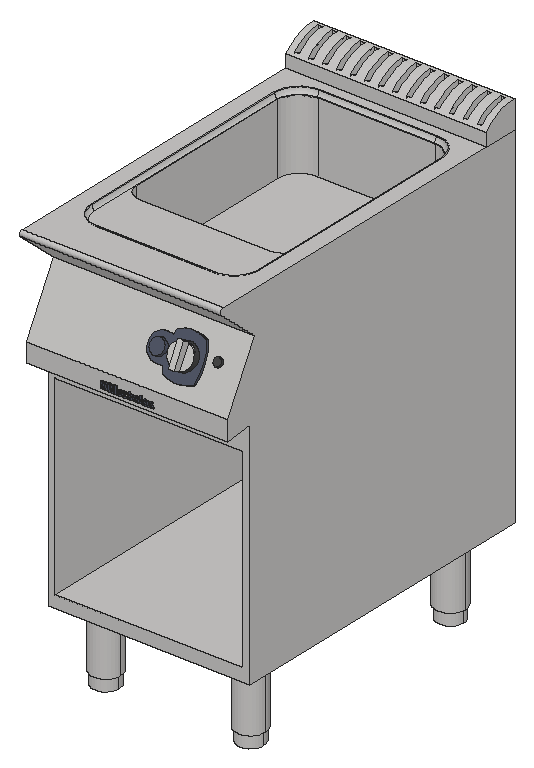
Revit family "QF_ELECTROLUXPROFESSIONAL_371105_E7MFGDDD00", category Specialty Equipment, Revit 2018 (continued)
Automatic sketch dimensions
  Extrusion 34 sketch curve to Extrusion 34 sketch curve = 1.322 mm
  Extrusion 34 sketch curve to Extrusion 34 sketch curve = 2.77 mm
  Extrusion 34 sketch curve to Extrusion 34 sketch curve = 2.51 mm
  Extrusion 34 sketch curve to Extrusion 34 sketch curve = 0.187 mm
  Extrusion 34 sketch curve to Extrusion 34 sketch curve = 2.559 mm
  Extrusion 34 sketch curve to Extrusion 34 sketch curve = 1.556 mm
  Extrusion 34 sketch curve to Extrusion 34 sketch curve = 0.222 mm
  Extrusion 34 sketch curve to Extrusion 34 sketch curve = 1.383 mm
  Extrusion 34 sketch curve to Extrusion 34 sketch curve = 3.114 mm
  Extrusion 34 sketch curve to Extrusion 34 sketch curve = 3.376 mm
  Extrusion 34 sketch curve to Extrusion 34 sketch curve = 0.934 mm
  Extrusion 34 sketch curve to Extrusion 34 sketch curve = 0.191 mm
  Extrusion 34 sketch curve to Extrusion 34 sketch curve = 3.696 mm
  Extrusion 34 sketch curve to Extrusion 34 sketch curve = 2.708 mm
  Extrusion 34 sketch curve to Extrusion 34 sketch curve = 3.333 mm
  Extrusion 34 sketch curve to Extrusion 34 sketch curve = 0.332 mm
  Extrusion 34 sketch curve to Extrusion 34 sketch curve = 1.087 mm
  Extrusion 34 sketch curve to Extrusion 34 sketch curve = 2.23 mm
  Extrusion 34 sketch curve to Extrusion 34 sketch curve = 2.757 mm
  Extrusion 34 sketch curve to Extrusion 34 sketch curve = 0.987 mm
  Extrusion 34 sketch curve to Extrusion 34 sketch curve = 1.529 mm
  Extrusion 34 sketch curve to Extrusion 34 sketch curve = 1.796 mm
  Extrusion 34 sketch curve to Extrusion 34 sketch curve = 2.859 mm
  Extrusion 34 sketch curve to Extrusion 34 sketch curve = 0.853 mm
  Extrusion 34 sketch curve to Extrusion 34 sketch curve = 1.241 mm
  Extrusion 34 sketch curve to Extrusion 34 sketch curve = 2.046 mm  (x2)
  Extrusion 34 sketch curve to Extrusion 34 sketch curve = 2.422 mm
  Extrusion 34 sketch curve to Extrusion 34 sketch curve = 0.27 mm  (x2)
  Extrusion 34 sketch curve to Extrusion 34 sketch curve = 0.69 mm
  Extrusion 34 sketch curve to Extrusion 34 sketch curve = 0.781 mm  (x2)
  Extrusion 34 sketch curve to Extrusion 34 sketch curve = 3.136 mm
  Extrusion 34 sketch curve to Extrusion 34 sketch curve = 1.767 mm
  Extrusion 34 sketch curve to Extrusion 34 sketch curve = 0.138 mm
  Extrusion 34 sketch curve to Extrusion 34 sketch curve = 0.777 mm
  Extrusion 34 sketch curve to Extrusion 34 sketch curve = 1.19 mm
  Extrusion 34 sketch curve to Extrusion 34 sketch curve = 0.782 mm
  Extrusion 34 sketch curve to Extrusion 34 sketch curve = 1.268 mm
  Extrusion 34 sketch curve to Extrusion 34 sketch curve = 0.422 mm  (x2)
  Extrusion 34 sketch curve to Extrusion 34 sketch curve = 1.559 mm
  Extrusion 34 sketch curve to Extrusion 34 sketch curve = 3.927 mm
  Extrusion 34 sketch curve to Extrusion 34 sketch curve = 0.983 mm
  Extrusion 34 sketch curve to Extrusion 34 sketch curve = 1.134 mm
  Extrusion 34 sketch curve to Extrusion 34 sketch curve = 0.094 mm
  Extrusion 34 sketch curve to Extrusion 34 sketch curve = 1.584 mm
  Extrusion 34 sketch curve to Extrusion 34 sketch curve = 0.643 mm
  Extrusion 34 sketch curve to Extrusion 34 sketch curve = 0.916 mm
  Extrusion 34 sketch curve to Extrusion 34 sketch curve = 0.352 mm
  Extrusion 34 sketch curve to Extrusion 34 sketch curve = 0.458 mm
  Extrusion 34 sketch curve to Extrusion 34 sketch curve = 1.282 mm
  Extrusion 34 sketch curve to Extrusion 34 sketch curve = 1.363 mm
  Extrusion 34 sketch curve to Extrusion 34 sketch curve = 0.685 mm
  Extrusion 34 sketch curve to Extrusion 34 sketch curve = 0.905 mm
  Extrusion 34 sketch curve to Extrusion 34 sketch curve = 2.865 mm
  Extrusion 34 sketch curve to Extrusion 34 sketch curve = 0.472 mm
  Extrusion 34 sketch curve to Extrusion 34 sketch curve = 0.101 mm
  Extrusion 34 sketch curve to Extrusion 34 sketch curve = 0.54 mm
  Extrusion 34 sketch curve to Extrusion 34 sketch curve = 0.02 mm
  Extrusion 34 sketch curve to Extrusion 34 sketch curve = 0.468 mm
  Extrusion 34 sketch curve to Extrusion 34 sketch curve = 0.829 mm
  Extrusion 34 sketch curve to Extrusion 34 sketch curve = 0.582 mm
  Extrusion 34 sketch curve to Extrusion 34 sketch curve = 0.166 mm
  Extrusion 34 sketch curve to Extrusion 34 sketch curve = 0.16 mm
  Extrusion 34 sketch curve to Extrusion 34 sketch curve = 2.781 mm
  Extrusion 34 sketch curve to Extrusion 34 sketch curve = 1.118 mm
  Extrusion 34 sketch curve to Extrusion 34 sketch curve = 0.613 mm
  Extrusion 34 sketch curve to Extrusion 34 sketch curve = 0.361 mm
  Extrusion 34 sketch curve to Extrusion 34 sketch curve = 0.897 mm
  Extrusion 34 sketch curve to Extrusion 34 sketch curve = 0.167 mm
  Extrusion 34 sketch curve to Extrusion 34 sketch curve = 0.292 mm
  Extrusion 34 sketch curve to Extrusion 34 sketch curve = 0.305 mm
  Extrusion 34 sketch curve to Extrusion 34 sketch curve = 1.557 mm
  Extrusion 34 sketch curve to Extrusion 34 sketch curve = 2.499 mm
  Extrusion 34 sketch curve to Extrusion 34 sketch curve = 3.062 mm
  Extrusion 34 sketch curve to Extrusion 34 sketch curve = 2.968 mm
  Extrusion 34 sketch curve to Extrusion 34 sketch curve = 5.044 mm
  Extrusion 34 sketch curve to Extrusion 34 sketch curve = 0.629 mm  (x2)
  Extrusion 34 sketch curve to Extrusion 34 sketch curve = 1.131 mm
  Extrusion 34 sketch curve to Extrusion 34 sketch curve = 0.027 mm
  Extrusion 34 sketch curve to Extrusion 34 sketch curve = 2.235 mm
  radius of Extrusion 8 sketch curve = 12.7 mm
  radius of Extrusion 27 sketch curve = 8 mm
  radius of Extrusion 28 sketch curve = 6.35 mm
  radius of Extrusion 31 sketch curve = 25.4 mm
  radius of Extrusion 32 sketch curve to Extrusion 31 = 0 mm  (x2)
  radius of Extrusion 33 sketch curve = 15 mm
Connectors
  piping at (134, -556, 588.3), diameter 25.4
    settings: on Extrusion 8, index 2, connector inside diameter 1", connector length 0 mm, flow factor 0, pipe flow 0 GPM, pressure drop 0.00 psi, fitting loss kfactor 0, connector angle 0.00°, fixture units 0, engagement length 0 mm, angle of deflection 0.00°, flow configuration 1, flow direction 2, fitting loss method 0, system type 16, joint type 0, gender type 0, connector reference index -1, connector utility 0, adjustable connector no, is connector primary yes, connector description "Drain"
  piping at (349, -505, 137.3), diameter 12.8
    settings: on Extrusion 28, index 3, connector inside diameter 0.50394", connector length 0 mm, flow factor 0, pipe flow 0 GPM, pressure drop 0.00 psi, fitting loss kfactor 0, connector angle 0.00°, fixture units 0, engagement length 0 mm, angle of deflection 0.00°, flow configuration 1, flow direction 1, fitting loss method 0, system type 7, joint type 0, gender type 0, connector reference index -1, connector utility 0, adjustable connector no, is connector primary no, connector description "Gas Inlet"
